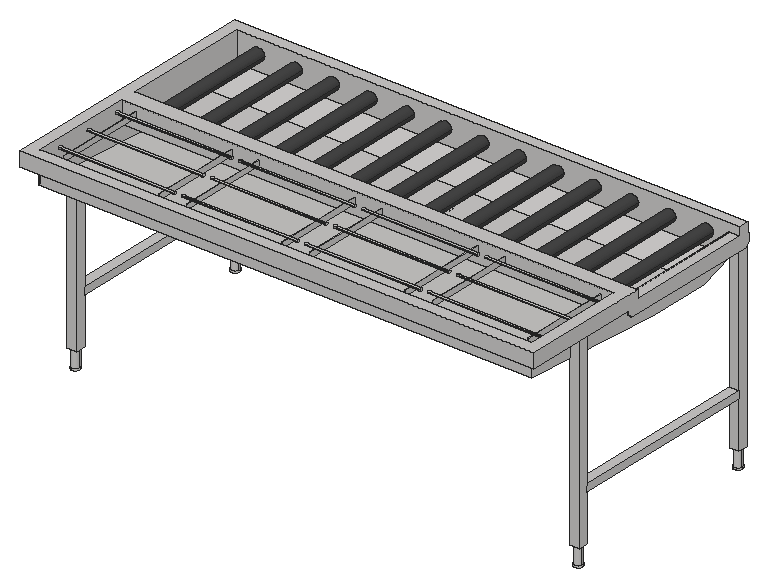
Revit family "QF_ELECTROLUXPROFESSIONAL_865205_HSSDB11", category Specialty Equipment, Revit 2018
Family settings
  Round Connector Dimension = Use Diameter
  Part Type = Normal
  Work Plane-Based = No
  Always vertical = Yes
  Cut with Voids When Loaded = No
  Shared = No
  Room Calculation Point = No
Parameters
  Weight = 0.00 kg
  Watts = 0 W
  Volts = 0 V
  URL Manufacturer = ""
  Steam Supply Size = 0 mm
  Steam Supply Minimum Pressure = 0.0 Pa
  Steam Supply Maximum Pressure = 0.0 Pa
  Steam Pounds per Hour = 0
  Refrigeration Suction Line Size = 0 mm
  Refrigeration Liquid Line Size = 0 mm
  Refrigerant Compressor Remote = yes
  Phase = 0
  Length Actual = 0 mm
  Item Number = ""
  Hot Water Size = 0 mm
  Height Actual = 0 mm
  HP = ""
  Gas Size = 0 mm
  Gas KW = 0
  Gas Input Pressure = 0 W
  Depth Actual = 0 mm
  Cycle = 0 Hz
  Condensate Return Size = 0 mm
  Compressed Air Volume = 0.0 L/s
  Compressed Air Size = 0 mm
  Compressed Air Pressure = 0.0 Pa
  Cold Water Size = 0 mm
  Accessory = yes
Reference planes
  plane 1: z = 0
  plane 2 "RIGHT": x = 810
  plane 3: z = 910
  plane 4: z = 0
  plane 5: z = 300
  plane 6 "BACK": y = 310
  plane 7 "FRONT": y = -800
  plane 8 "LEFT": x = -1320
  plane 9 "Center": y = 0
Forms (mm)
  Extrusion 1, solid, material "QF_Finishes_Stainless Steel"
    sketch origin (0, 0, 0) x (-1, 0, 0) y (0, -1, 0)
      loop
        line (1320, 800) -> (-810, 800) -> (-810, 265) -> (-765, 265) -> (-765, 755) -> (1275, 755) -> (1275, -265) -> (-810, -265) -> (-810, -310) -> (1320, -310) -> (1320, 800)
    from 850.091 to 910
  Extrusion 2, solid, material "QF_Finishes_Stainless Steel"
    sketch origin (0, 0, 0) x (0, 1, 0) y (0, 0, -1)
      loop
        line (-756.248, -850.091) -> (-755, -850.091) -> (-755, -784.848) -> (-131.111, -741.138) -> (130.374, -741.138) -> (265, -784.879) -> (265, -850.091) -> (266.249, -850.091) -> (266.249, -782.13) -> (130.849, -738.138) -> (-131.216, -738.138) -> (-756.248, -781.928) -> (-756.248, -850.091)
    from -765 to 1275
  Revolve 3, solid, material "QF_Finishes_Stainless Steel"
    sketch origin (-255, 0.526, -123.199) x (-1, 0, 0) y (0, 0, -1)
      loop
        line (76.494, -861.337) -> (76.494, -847.59)
        arc (76.494, -847.59) -> (75.89, -845.987) -> (74.39, -845.16) r 2.474
        arc (74.39, -845.16) -> (71.083, -841.301) -> (74.377, -837.43) r 3.913
        arc (74.377, -837.43) -> (75.887, -836.598) -> (76.494, -834.985) r 2.49
        line (76.494, -834.985) -> (76.494, -794.661)
        arc (76.494, -794.661) -> (65.844, -763.962) -> (38.457, -746.476) r 49.516
        line (38.457, -746.476) -> (38.457, -743.987) -> (37.25, -742.336) -> (37.25, -740.749) -> (23.47, -734.749) -> (23.47, -698.838) -> (21.946, -697.377) -> (0, -697.377) -> (0, -861.337) -> (76.494, -861.337)
      axis (0, -861.337) -> (0, -697.377)
    angle from 0 to 360
  Extrusion 4, solid, material "QF_Finishes_Stainless Steel"
    sketch origin (0, 0, 0) x (-1, 0, 0) y (0, -1, 0)
      loop
        line (-765, 330.124) -> (-765, 265) -> (1275, 265) -> (1275, 330.124) -> (-765, 330.124)
    from 820 to 910
  Extrusion 5, solid, material "QF_Finishes_Stainless Steel"
    sketch origin (6.015, 0, -602.691) x (-1, 0, 0) y (0, -1, 0)
      loop
        line (1283.015, -266.249) -> (1323.015, -266.249) -> (1323.015, 521.738) -> (1283.015, 521.738) -> (1283.015, -266.249)
    from 872.691 to 902.691
  Extrusion 6, solid, material "QF_Finishes_Stainless Steel"
    sketch origin (-1277, 0, 0) x (0, 1, 0) y (0, 0, -1)
      loop
        line (-756.248, -781.928) -> (-756.248, -850.091) -> (266.249, -850.091) -> (266.249, -782.13) -> (130.849, -738.138) -> (-131.216, -738.138) -> (-756.248, -781.928)
    from 0 to -2
  Extrusion 7, solid, material "QF_Finishes_Stainless Steel"
    sketch origin (767, 0, 0) x (0, 1, 0) y (0, 0, 1)
      loop
        line (-756.248, 850.091) -> (-756.248, 781.928) -> (-131.216, 738.138) -> (130.849, 738.138) -> (266.249, 782.13) -> (266.249, 850.091) -> (265, 850.091) -> (265, 875) -> (-265, 875) -> (-265, 850.091) -> (-756.248, 850.091)
    from 0 to -2
  Extrusion 8, solid, material "QF_Finishes_Stainless Steel"
    sketch origin (-516, 0.054, -598.981) x (1, 0, 0) y (0, 1, 0)
      loop
        line (1283, 266.195) -> (1283, -521.792) -> (1323, -521.792) -> (1323, 266.195) -> (1283, 266.195)
    from 869.081 to 898.981
  Extrusion 9, solid, material "QF_Finishes_Black"
    sketch origin (0, -2.5, 0) x (-1, 0, 0) y (0, 0, 1)
      loop
        circle (255, 850.047) r 25
      loop
        circle (100, 850.047) r 25
      loop
        circle (-55, 850.047) r 25
      loop
        circle (-210, 850.047) r 25
      loop
        circle (-365, 850.047) r 25
      loop
        circle (-520, 850.047) r 25
      loop
        circle (-675, 850.047) r 25
      loop
        circle (410, 850.047) r 25
      loop
        circle (565, 850.047) r 25
      loop
        circle (720, 850.047) r 25
      loop
        circle (875, 850.047) r 25
      loop
        circle (1030, 850.047) r 25
      loop
        circle (1185, 850.047) r 25
    from -262.5 to 267.5
  Extrusion 10, solid, material "QF_Finishes_Stainless Steel"
    sketch origin (0, -7.263, 2.863) x (-1, 0, 0) y (0, -1, 0)
      loop
        line (-200.029, 694.438) -> (-200.029, 322.861) -> (-196.981, 322.861) -> (-196.981, 694.438) -> (-200.029, 694.438)
      loop
        line (196.981, 694.438) -> (196.981, 322.861) -> (200.029, 322.861) -> (200.029, 694.438) -> (196.981, 694.438)
      loop
        line (-710.007, 694.438) -> (-710.007, 322.861) -> (-707.023, 322.861) -> (-707.023, 694.438) -> (-710.007, 694.438)
      loop
        line (-312.998, 694.438) -> (-312.998, 322.861) -> (-310.013, 322.861) -> (-310.013, 694.438) -> (-312.998, 694.438)
      loop
        line (1220.049, 694.438) -> (1217.001, 694.438) -> (1217.001, 322.861) -> (1220.049, 322.861) -> (1220.049, 694.438)
      loop
        line (823.039, 694.438) -> (819.991, 694.438) -> (819.991, 322.861) -> (823.039, 322.861) -> (823.039, 694.438)
      loop
        line (710.007, 694.438) -> (707.023, 694.438) -> (707.023, 322.861) -> (710.007, 322.861) -> (710.007, 694.438)
      loop
        line (312.997, 694.438) -> (310.013, 694.438) -> (310.013, 322.861) -> (312.997, 322.861) -> (312.997, 694.438)
    from 860 to 881.896
  Extrusion 11, solid, material "QF_Finishes_Stainless Steel"
    sketch origin (-2327.512, 265, 0) x (0, 1, 0) y (0, 0, 1)
      loop
        circle (-937.158, 888.745) r 3.985
      loop
        circle (-788.819, 888.745) r 3.985
      loop
        circle (-640.48, 888.745) r 3.985
    from 1067.5 to 1547.5
  Extrusion 12, solid, material "QF_Finishes_Stainless Steel"
    sketch origin (-1817.533, 265, 0) x (0, 1, 0) y (0, 0, 1)
      loop
        circle (-937.158, 888.745) r 3.985
      loop
        circle (-788.819, 888.745) r 3.985
      loop
        circle (-640.48, 888.745) r 3.985
    from 1067.5 to 1547.5
  Extrusion 13, solid, material "QF_Finishes_Stainless Steel"
    sketch origin (-1307.491, 265, 0) x (0, 1, 0) y (0, 0, 1)
      loop
        circle (-937.158, 888.745) r 3.985
      loop
        circle (-788.819, 888.745) r 3.985
      loop
        circle (-640.48, 888.745) r 3.985
    from 1067.5 to 1547.5
  Extrusion 14, solid, material "QF_Finishes_Stainless Steel"
    sketch origin (-797.513, 265, 0) x (0, 1, 0) y (0, 0, 1)
      loop
        circle (-937.158, 888.745) r 3.985
      loop
        circle (-788.819, 888.745) r 3.985
      loop
        circle (-640.48, 888.745) r 3.985
    from 1067.5 to 1547.5
  Extrusion 15, solid, material "QF_Finishes_Stainless Steel"
    sketch origin (1257.022, 52.5, 0) x (0, 1, 0) y (0, 0, 1)
      loop
        line (-362.5, 835) -> (-347.5, 820) -> (242.5, 820) -> (257.5, 835) -> (257.5, 850.091) -> (212.5, 850.091) -> (212.5, 875) -> (-317.5, 875) -> (-317.5, 850.091) -> (-362.5, 850.091) -> (-362.5, 835)
    from -450 to -447.022
  Extrusion 16, solid, material "QF_Finishes_Stainless Steel"
    sketch origin (-1790, 265, 0) x (1, 0, 0) y (0, 0, 1)
      loop
        line (2597.022, 875) -> (2557, 875) -> (2557, 872) -> (2597.022, 872) -> (2597.022, 875)
    from 0 to 530
Cuts and joins
  joined: Extrusion 1, Extrusion 2, Revolve 3, Extrusion 4, Extrusion 6, Extrusion 7, Extrusion 10, Extrusion 11, Extrusion 12, Extrusion 13, Extrusion 14, Extrusion 15, Extrusion 16
Lines and regions (mm)
  Split face 1
    outline origin (-131.315, -0.079, 741.138) x (-1, 0, 0) y (0, -1, 0)
      loop
        circle (123.685, -0.035) r 73.783
  Split face 2
    outline origin (-131.315, -0.079, 741.138) x (-1, 0, 0) y (0, -1, 0)
      loop
        circle (123.685, -0.035) r 66.01
  Split face 3
    outline origin (-131.315, -0.079, 741.138) x (-1, 0, 0) y (0, -1, 0)
      loop
        circle (123.685, -0.035) r 53.774
  Split face 4
    outline origin (-131.315, -0.079, 741.138) x (-1, 0, 0) y (0, -1, 0)
      loop
        circle (123.685, -0.035) r 50.771
  Split face 5
    outline origin (-131.315, -0.079, 741.138) x (-1, 0, 0) y (0, -1, 0)
      loop
        circle (123.685, -0.035) r 33.793
  Split face 6
    outline origin (-131.315, -0.079, 741.138) x (-1, 0, 0) y (0, -1, 0)
      loop
        circle (123.685, -0.035) r 30.826
  Split face 7
    outline origin (-131.315, -0.079, 741.138) x (-1, 0, 0) y (0, -1, 0)
      loop
        circle (123.685, -0.035) r 13.843
  Split face 8
    outline origin (-131.315, -0.079, 741.138) x (-1, 0, 0) y (0, -1, 0)
      loop
        circle (123.685, -0.035) r 10.833
  symbolic lines
    curve 1: line (-1320, 310, 0) -> (810, 310, 0)
    curve 2: line (-1320, -800, 0) -> (-1320, 310, 0)
    curve 3: line (810, -800, 0) -> (-1320, -800, 0)
    curve 4: line (810, 310, 0) -> (810, -800, 0)
    curve 5: line (-1275, 265, 0) -> (810, 265, 0)
    curve 6: line (-1275, -755, 0) -> (-1275, 265, 0)
    curve 7: line (765, -755, 0) -> (-1275, -755, 0)
    curve 8: line (-1275, -265, 0) -> (810, -265, 0)
    curve 9: line (765, -330.124, 0) -> (-1275, -330.124, 0)
    curve 10: line (-1260.012, -371.495, 0) -> (-1260.012, -379.465, 0)
    curve 11: line (-1260.012, -379.465, 0) -> (-780.012, -379.465, 0)
    curve 12: line (-780.012, -379.465, 0) -> (-780.012, -371.495, 0)
    curve 13: line (-780.012, -371.495, 0) -> (-1260.012, -371.495, 0)
    curve 14: line (-1260.012, -519.834, 0) -> (-1260.012, -527.804, 0)
    curve 15: line (-1260.012, -527.804, 0) -> (-780.012, -527.804, 0)
    curve 16: line (-780.012, -527.804, 0) -> (-780.012, -519.834, 0)
    curve 17: line (-780.012, -519.834, 0) -> (-1260.012, -519.834, 0)
    curve 18: line (-1260.012, -668.173, 0) -> (-1260.012, -676.143, 0)
    curve 19: line (-1260.012, -676.143, 0) -> (-780.012, -676.143, 0)
    curve 20: line (-780.012, -676.143, 0) -> (-780.012, -668.173, 0)
    curve 21: line (-780.012, -668.173, 0) -> (-1260.012, -668.173, 0)
    curve 22: line (-1220.049, -330.124, 0) -> (-1220.049, -371.495, 0)
    curve 23: line (-1217.001, -330.124, 0) -> (-1217.001, -371.495, 0)
    curve 24: line (-1220.049, -379.465, 0) -> (-1220.049, -519.834, 0)
    curve 25: line (-1220.049, -701.7, 0) -> (-1220.049, -676.143, 0)
    curve 26: line (-1220.049, -701.7, 0) -> (-1217.001, -701.7, 0)
    curve 27: line (-1217.001, -701.7, 0) -> (-1217.001, -676.143, 0)
    curve 28: line (-1220.049, -668.173, 0) -> (-1220.049, -527.804, 0)
    curve 29: line (-1217.001, -527.804, 0) -> (-1217.001, -668.173, 0)
    curve 30: line (-1217.001, -519.834, 0) -> (-1217.001, -379.465, 0)
    curve 31: line (-823.039, -330.124, 0) -> (-823.039, -371.495, 0)
    curve 32: line (-819.992, -330.124, 0) -> (-819.992, -371.495, 0)
    curve 33: line (-823.039, -379.465, 0) -> (-823.039, -519.834, 0)
    curve 34: line (-823.039, -701.7, 0) -> (-823.039, -676.143, 0)
    curve 35: line (-823.039, -701.7, 0) -> (-819.992, -701.7, 0)
    curve 36: line (-819.992, -701.7, 0) -> (-819.992, -676.143, 0)
    curve 37: line (-823.039, -668.173, 0) -> (-823.039, -527.804, 0)
    curve 38: line (-819.992, -527.804, 0) -> (-819.992, -668.173, 0)
    curve 39: line (-819.992, -519.834, 0) -> (-819.992, -379.465, 0)
    curve 40: line (-750.033, -371.495, 0) -> (-750.033, -379.465, 0)
    curve 41: line (-750.033, -379.465, 0) -> (-270.033, -379.465, 0)
    curve 42: line (-270.033, -379.465, 0) -> (-270.033, -371.495, 0)
    curve 43: line (-270.033, -371.495, 0) -> (-750.033, -371.495, 0)
    curve 44: line (-750.033, -519.834, 0) -> (-750.033, -527.804, 0)
    curve 45: line (-750.033, -527.804, 0) -> (-270.033, -527.804, 0)
    curve 46: line (-270.033, -527.804, 0) -> (-270.033, -519.834, 0)
    curve 47: line (-270.033, -519.834, 0) -> (-750.033, -519.834, 0)
    curve 48: line (-750.033, -668.173, 0) -> (-750.033, -676.143, 0)
    curve 49: line (-750.033, -676.143, 0) -> (-270.033, -676.143, 0)
    curve 50: line (-270.033, -676.143, 0) -> (-270.033, -668.173, 0)
    curve 51: line (-270.033, -668.173, 0) -> (-750.033, -668.173, 0)
    curve 52: line (-710.071, -330.124, 0) -> (-710.071, -371.495, 0)
    curve 53: line (-707.023, -330.124, 0) -> (-707.023, -371.495, 0)
    curve 54: line (-710.071, -379.465, 0) -> (-710.071, -519.834, 0)
    curve 55: line (-710.071, -701.7, 0) -> (-710.071, -676.143, 0)
    curve 56: line (-710.071, -701.7, 0) -> (-707.023, -701.7, 0)
    curve 57: line (-707.023, -701.7, 0) -> (-707.023, -676.143, 0)
    curve 58: line (-710.071, -668.173, 0) -> (-710.071, -527.804, 0)
    curve 59: line (-707.023, -527.804, 0) -> (-707.023, -668.173, 0)
    curve 60: line (-707.023, -519.834, 0) -> (-707.023, -379.465, 0)
    curve 61: line (-313.061, -330.124, 0) -> (-313.061, -371.495, 0)
    curve 62: line (-310.013, -330.124, 0) -> (-310.013, -371.495, 0)
    curve 63: line (-313.061, -379.465, 0) -> (-313.061, -519.834, 0)
    curve 64: line (-313.061, -701.7, 0) -> (-313.061, -676.143, 0)
    curve 65: line (-313.061, -701.7, 0) -> (-310.013, -701.7, 0)
    curve 66: line (-310.013, -701.7, 0) -> (-310.013, -676.143, 0)
    curve 67: line (-313.061, -668.173, 0) -> (-313.061, -527.804, 0)
    curve 68: line (-310.013, -527.804, 0) -> (-310.013, -668.173, 0)
    curve 69: line (-310.013, -519.834, 0) -> (-310.013, -379.465, 0)
    curve 70: line (-239.991, -371.495, 0) -> (-239.991, -379.465, 0)
    curve 71: line (-239.991, -379.465, 0) -> (240.009, -379.465, 0)
    curve 72: line (240.009, -379.465, 0) -> (240.009, -371.495, 0)
    curve 73: line (240.009, -371.495, 0) -> (-239.991, -371.495, 0)
    curve 74: line (-239.991, -519.834, 0) -> (-239.991, -527.804, 0)
    curve 75: line (-239.991, -527.804, 0) -> (240.009, -527.804, 0)
    curve 76: line (240.009, -527.804, 0) -> (240.009, -519.834, 0)
    curve 77: line (240.009, -519.834, 0) -> (-239.991, -519.834, 0)
    curve 78: line (-239.991, -668.173, 0) -> (-239.991, -676.143, 0)
    curve 79: line (-239.991, -676.143, 0) -> (240.009, -676.143, 0)
    curve 80: line (240.009, -676.143, 0) -> (240.009, -668.173, 0)
    curve 81: line (240.009, -668.173, 0) -> (-239.991, -668.173, 0)
    curve 82: line (-200.029, -330.124, 0) -> (-200.029, -371.495, 0)
    curve 83: line (-196.981, -330.124, 0) -> (-196.981, -371.495, 0)
    curve 84: line (-200.029, -379.465, 0) -> (-200.029, -519.834, 0)
    curve 85: line (-200.029, -701.7, 0) -> (-200.029, -676.143, 0)
    curve 86: line (-200.029, -701.7, 0) -> (-196.981, -701.7, 0)
    curve 87: line (-196.981, -701.7, 0) -> (-196.981, -676.143, 0)
    curve 88: line (-200.029, -668.173, 0) -> (-200.029, -527.804, 0)
    curve 89: line (-196.981, -527.804, 0) -> (-196.981, -668.173, 0)
    curve 90: line (-196.981, -519.834, 0) -> (-196.981, -379.465, 0)
    curve 91: line (196.981, -330.124, 0) -> (196.981, -371.495, 0)
    curve 92: line (200.029, -330.124, 0) -> (200.029, -371.495, 0)
    curve 93: line (196.981, -379.465, 0) -> (196.981, -519.834, 0)
    curve 94: line (196.981, -701.7, 0) -> (196.981, -676.143, 0)
    curve 95: line (196.981, -701.7, 0) -> (200.029, -701.7, 0)
    curve 96: line (200.029, -701.7, 0) -> (200.029, -676.143, 0)
    curve 97: line (196.981, -668.173, 0) -> (196.981, -527.804, 0)
    curve 98: line (200.029, -527.804, 0) -> (200.029, -668.173, 0)
    curve 99: line (200.029, -519.834, 0) -> (200.029, -379.465, 0)
    curve 100: line (269.987, -371.495, 0) -> (269.987, -379.465, 0)
    curve 101: line (269.987, -379.465, 0) -> (749.987, -379.465, 0)
    curve 102: line (749.987, -379.465, 0) -> (749.987, -371.495, 0)
    curve 103: line (749.987, -371.495, 0) -> (269.987, -371.495, 0)
    curve 104: line (269.987, -519.834, 0) -> (269.987, -527.804, 0)
    curve 105: line (269.987, -527.804, 0) -> (749.987, -527.804, 0)
    curve 106: line (749.987, -527.804, 0) -> (749.987, -519.834, 0)
    curve 107: line (749.987, -519.834, 0) -> (269.987, -519.834, 0)
    curve 108: line (269.987, -668.173, 0) -> (269.987, -676.143, 0)
    curve 109: line (269.987, -676.143, 0) -> (749.987, -676.143, 0)
    curve 110: line (749.987, -676.143, 0) -> (749.987, -668.173, 0)
    curve 111: line (749.987, -668.173, 0) -> (269.987, -668.173, 0)
    curve 112: line (309.95, -330.124, 0) -> (309.95, -371.495, 0)
    curve 113: line (312.998, -330.124, 0) -> (312.998, -371.495, 0)
    curve 114: line (309.95, -379.465, 0) -> (309.95, -519.834, 0)
    curve 115: line (309.95, -701.7, 0) -> (309.95, -676.143, 0)
    curve 116: line (309.95, -701.7, 0) -> (312.998, -701.7, 0)
    curve 117: line (312.998, -701.7, 0) -> (312.998, -676.143, 0)
    curve 118: line (309.95, -668.173, 0) -> (309.95, -527.804, 0)
    curve 119: line (312.998, -527.804, 0) -> (312.998, -668.173, 0)
    curve 120: line (312.998, -519.834, 0) -> (312.998, -379.465, 0)
    curve 121: line (706.959, -330.124, 0) -> (706.959, -371.495, 0)
    curve 122: line (710.007, -330.124, 0) -> (710.007, -371.495, 0)
    curve 123: line (706.959, -379.465, 0) -> (706.959, -519.834, 0)
    curve 124: line (706.959, -701.7, 0) -> (706.959, -676.143, 0)
    curve 125: line (706.959, -701.7, 0) -> (710.007, -701.7, 0)
    curve 126: line (710.007, -701.7, 0) -> (710.007, -676.143, 0)
    curve 127: line (706.959, -668.173, 0) -> (706.959, -527.804, 0)
    curve 128: line (710.007, -527.804, 0) -> (710.007, -668.173, 0)
    curve 129: line (710.007, -519.834, 0) -> (710.007, -379.465, 0)
    curve 130: line (-1210, 265, 0) -> (-1210, -265, 0)
    curve 131: line (-1160, -265, 0) -> (-1160, 265, 0)
    curve 132: line (-1055, 265, 0) -> (-1055, -265, 0)
    curve 133: line (-1005, -265, 0) -> (-1005, 265, 0)
    curve 134: line (-900, 265, 0) -> (-900, -265, 0)
    curve 135: line (-850, -265, 0) -> (-850, 265, 0)
    curve 136: line (-745, 265, 0) -> (-745, -265, 0)
    curve 137: line (-695, -265, 0) -> (-695, 265, 0)
    curve 138: line (-590, 265, 0) -> (-590, -265, 0)
    curve 139: line (-540, -265, 0) -> (-540, 265, 0)
    curve 140: line (-435, 265, 0) -> (-435, -265, 0)
    curve 141: line (-385, -265, 0) -> (-385, 265, 0)
    curve 142: line (-280, 265, 0) -> (-280, -265, 0)
    curve 143: line (-230, -265, 0) -> (-230, 265, 0)
    curve 144: line (-125, 265, 0) -> (-125, -265, 0)
    curve 145: line (-75, -265, 0) -> (-75, 265, 0)
    curve 146: line (30, 265, 0) -> (30, -265, 0)
    curve 147: line (80, -265, 0) -> (80, 265, 0)
    curve 148: line (185, 265, 0) -> (185, -265, 0)
    curve 149: line (235, -265, 0) -> (235, 265, 0)
    curve 150: line (340, 265, 0) -> (340, -265, 0)
    curve 151: line (390, -265, 0) -> (390, 265, 0)
    curve 152: line (495, 265, 0) -> (495, -265, 0)
    curve 153: line (545, -265, 0) -> (545, 265, 0)
    curve 154: line (650, 265, 0) -> (650, -265, 0)
    curve 155: line (765, -265, 0) -> (765, 265, 0)
    curve 156: line (765, -755, 0) -> (765, -330.124, 0)
    curve 157: line (700, 265, 0) -> (700, -265, 0)
    curve 158: line (810, 0, 0) -> (780, 0, 0)
    curve 159: arc (-178.504, 0.526, 0) -> (-255, -75.97, 0) -> (-331.496, 0.526, 0) r 76.496
    curve 160: arc (-331.496, 0.526, 0) -> (-255, 77.021, 0) -> (-178.504, 0.526, 0) r 76.496
Dimensions and locks
  plane 3 to level = 910 mm
  plane 8 "LEFT" to plane 2 "RIGHT" = 2130 mm
  aligned and locked: level to plane 1
Nested families
  nested 1: "Foot_40x40" at (-1297, -541.738, 0), type "Foot_40x40"
    with A 850.091 mm
  nested 2: "Foot_40x40" at (-1297, 286.249, 0), type "Foot_40x40"
    with A 850.091 mm
  nested 3: "Foot_40x40" at (787, -541.738, 0) x (-1, 0, 0) z (0, 0, 1), type "Foot_40x40"
    with A 850.091 mm
  nested 4: "Foot_40x40" at (787, 286.249, 0) x (-1, 0, 0) z (0, 0, 1), type "Foot_40x40"
    with A 850.091 mm
Connectors
  piping at (-255, 0.526, 574.178), diameter 30
    settings: on cut or joined group of Extrusion 1, Extrusion 2, Revolve 3, Extrusion 4, Extrusion 6, Extrusion 7, Extrusion 10, Extrusion 11, Extrusion 12, Extrusion 13, Extrusion 14, Extrusion 15, Extrusion 16, index 1, connector inside diameter 609.6 mm, connector length 0 mm, flow factor 0, pipe flow 0.0 L/s, pressure drop 0.0 Pa, fitting loss kfactor 0, connector angle 0.00°, fixture units 0, engagement length 0 mm, angle of deflection 0.00°, flow configuration 1, flow direction 2, fitting loss method 0, system type 16, joint type 0, gender type 0, connector reference index -1, connector utility 0, adjustable connector no, is connector primary yes, connector description "Drain"
Definition of nested family "Foot_40x40"
  Parameters
    A [instance] = 850 mm
  Reference planes
    plane 1 "Centro (Fronte/Retro)": y = 0
    plane 2: z = 0
    plane 3 "Centro (Sinistra/Destra)": x = 0
    plane 4: z = 850
  Forms (mm)
    Extrusion 1, solid
      sketch origin (0, 0, 0) x (1, 0, 0) y (0, 1, 0)
        loop
          circle (0, 0) r 18
      from 0 to 5
    Extrusion 2, solid
      sketch origin (0, 0, 5) x (1, 0, 0) y (0, 1, 0)
        loop
          circle (0, 0) r 15
      from 0 to 70
    Extrusion 3, solid
      sketch origin (0, 0, 75) x (1, 0, 0) y (0, 1, 0)
        loop
          line (-20, 20) -> (-20, -20) -> (20, -20) -> (20, 20) -> (-20, 20)
      from 0 to 775
  Dimensions and locks
    "A": plane 4 to plane 2
    aligned and locked: level to plane 2
    aligned and locked: plane 4 to Extrusion 3
    aligned and locked: Extrusion 1 to level
  Automatic sketch dimensions
    plane 1 "Centro (Fronte/Retro)" to Extrusion 1 sketch curve = 0 mm
    Extrusion 1 sketch curve to plane 3 "Centro (Sinistra/Destra)" = 0 mm
    Extrusion 3 sketch curve to Extrusion 3 sketch curve = 40 mm  (x2)
    radius of Extrusion 1 sketch curve = 18 mm
    radius of Extrusion 2 sketch curve to Extrusion 1 = 3 mm
